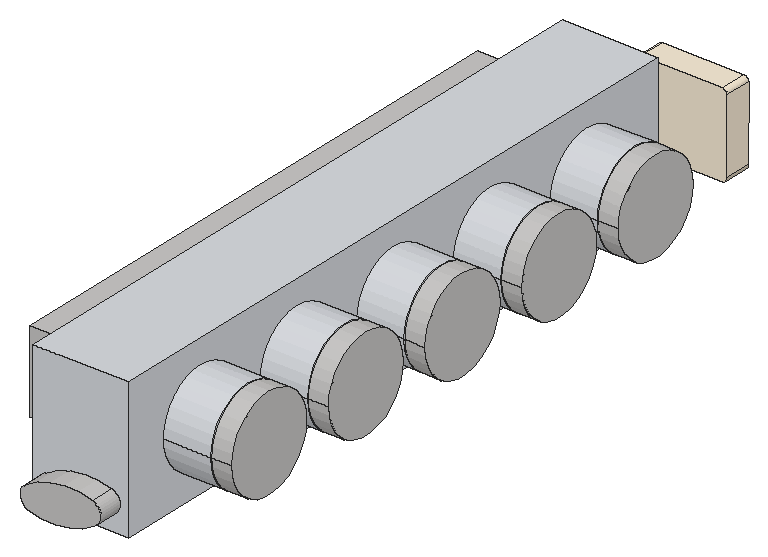
Revit family "HVAC_Ductwork_Airzone_Motorized-Plenum_Mitsubishi-Heavy_Standard_5-Dampers", category Mechanical Equipment, Revit 2016
Family settings
  Part Type = Normal
  Round Connector Dimension = Use Diameter
  OmniClass Number = 23.75.70.14
  OmniClass Title = Air Ductwork
  Work Plane-Based = No
  Always vertical = Yes
  Cut with Voids When Loaded = No
  Shared = No
  Room Calculation Point = No
Parameters (values of type "MHIST01L5")
  Voltage = 230 V
  URL = "www.airzone.es"
  Type Image Comments = "Image available in product documentation download"  # constant formula
  Revit Model Version = "1.0"  # constant formula
  Revit Model Author URL = "www.a3d.es"
  Revit Model Author = "A3D Consulting"  # constant formula
  Product Documentation Download URL = "http://doc.airzone.es/BIM/Easyzone/Mitsubishi_Heavy-Airzone_motorized_plenum.zip"
  Product Comments = "Refer to technical documentation for further details"  # constant formula
  Power Factor = 1
  Neck Width = 1206.000 mm
  Neck Length = 95.000 mm
  Neck Height = 176.000 mm
  Material = Metal - AIRZONE - Galvanized Sheet - Semi-polished
  Main Control Board Material = Plastic - AIRZONE - Smooth - Off-white
  Load Classification = Other
  Insulated Body Width = 205.000 mm  # constant formula
  Insulated Body Material = Metal -AIRZONE - Insulating Lining -Aluminum Finish
  Insulated Body Length = 1425.000 mm  # constant formula
  Insulated Body Height = 300.000 mm  # constant formula
  Flow [instance] = Damper 5 Air Flow + Damper 4 Air Flow + Damper 3 Air Flow + Damper 2 Air Flow + Damper 1 Air Flow - Fresh Air Inlet 2 Flow - Fresh Air Inlet 1 Flow  # 1500 m³/h
  Fresh Air Inlet 1 Flow [instance] = 0 m³/h
  Fresh Air Inlet 2 Flow [instance] = 0 m³/h
  Fresh Air Inlet Connection Width = 175.000 mm
  Fresh Air Inlet Connection Height = 75.000 mm
  Model = "MHIST01L5"
  Neck Side Offset = 109.500 mm
  Neck Bottom Offset = 79.000 mm
  Type Image = <None>
  Manufacturer = "AIRZONE"  # constant formula
  Main Control Board Depth = 57.000 mm  # constant formula
  Main Control Board Width = 195.000 mm  # constant formula
  Main Control Board Height = 180.000 mm  # constant formula
  Fixing = ""
  Disclaimer = "All information provided in this model is reviewed before being published. However, Airzone cannot guarantee this model is error-free, therefore users are strongly encouraged to check for technical documentation and updates"  # constant formula
  Description = "Airzone standard motorized plenum with neck that mechanically adapts to the main ducted AC units of Mitsubishi Heavy."
  Type Comments = ""
  Dampers Length = 149.000 mm  # constant formula
  Dampers Diameter = 200.000 mm  # constant formula
  Damper 5 Air Flow [instance] = 300 m³/h
  Damper 4 Air Flow [instance] = 300 m³/h
  Damper 1 Air Flow [instance] = 300 m³/h
  Damper 2 Air Flow [instance] = 300 m³/h
  Damper 3 Air Flow [instance] = 300 m³/h
  Fresh Air Inlet Connection Offset Height = 48.305 mm  # constant formula
  Compatible Accesories = ""
  Apparent Load = 57.5 VA
Types (3, lengths in mm): name | Neck Width | Model | Neck Side Offset
  MHIST01L5 | 1206.000 | "MHIST01L5" | 109.500
  MHIST01M5 | 886.000 | "MHIST01M5" | 269.500
  MHIST01S5 | 686.000 | "MHIST01S5" | 369.500
Reference planes
  plane 1 "Center (Front/Back)": y = 0
  plane 2 "Center (Elevation)": z = 0
  plane 3 "Center (Left/Right)": x = 0
  plane 4 "Neck Back": y = 603
  plane 5 "Neck Front": y = -603
  plane 6 "Neck Top": z = 88
  plane 7 "Neck Bottom": z = -88
  plane 8 "Left": x = 95
  plane 9 "Bottom": z = -167
  plane 10 "Top": z = 133
  plane 11 "Front": y = -712.5
  plane 12 "Back": y = 712.5
  plane 13 "Right": x = 300
  plane 14 "Dampers Front": x = 449
  plane 15 "Dampers Center (Elevation)": z = -17
  plane 16 "Damper3": y = 0
  plane 17 "Damper2": y = 260
  plane 18 "Damper1": y = 520
  plane 19 "Middle": y = 0
  plane 20 "FreshAir Center (Elevation)": z = -118.695
  plane 21 "FreshAir1": y = 765
  plane 22 "FreshAir2": y = -765
  plane 23 "Dampers Lining": x = 404
  plane 24 "FreshAir Vertical Axis": x = 195.83
  plane 25 "ConnectionBox Side": x = 254
  plane 26 "Main Control Board Center (Left/Right)": x = 351.5
  plane 27 "Damper4": y = -260
  plane 28 "Damper5": y = -520
Forms (mm)
  Extrusion 1, solid, material "Metal - AIRZONE - Galvanized Sheet - Semi-polished" <- "Material"
    sketch origin (0, 0, 0) x (0, 1, 0) y (0, 0, 1)
      loop
        line (-603, 88) -> (-603, -88) -> (603, -88) -> (603, 88) -> (-603, 88)
    from 0 to 95
  Extrusion 2, solid, material "Metal -AIRZONE - Insulating Lining -Aluminum Finish" <- "Insulated Body Material"
    sketch origin (95, 0, 0) x (0, 1, 0) y (0, 0, 1)
      loop
        line (-712.5, 133) -> (-712.5, -167) -> (712.5, -167) -> (712.5, 133) -> (-712.5, 133)
    from 0 to 205
  Extrusion 3, solid, material "Metal - AIRZONE - Galvanized Sheet - Semi-polished" <- "Material"
    sketch origin (300, 0, 0) x (0, 1, 0) y (0, 0, 1)
      loop
        circle (0, -17) r 100
    from 104 to 149
  Extrusion 4, solid, material "Metal - AIRZONE - Galvanized Sheet - Semi-polished" <- "Material"
    sketch origin (300, 0, 0) x (0, 1, 0) y (0, 0, 1)
      loop
        circle (260, -17) r 100
    from 104 to 149
  Extrusion 5, solid, material "Metal - AIRZONE - Galvanized Sheet - Semi-polished" <- "Material"
    sketch origin (300, 0, 0) x (0, 1, 0) y (0, 0, 1)
      loop
        circle (520, -17) r 100
    from 104 to 149
  Extrusion 6, solid, material "Metal - AIRZONE - Galvanized Sheet - Semi-polished" <- "Material"
    sketch origin (0, -712.5, 0) x (0, 0, 1) y (1, 0, 0)
      loop
        arc (-86.141, 265.204) -> (-107.608, 282.105) -> (-132.312, 270.434) r 25.96
        arc (-132.312, 270.434) -> (-158.302, 200.598) -> (-150.849, 126.456) r 164.67
        arc (-150.849, 126.456) -> (-129.665, 109.589) -> (-104.994, 120.751) r 25.96
        arc (-104.994, 120.751) -> (-78.725, 190.78) -> (-86.141, 265.204) r 164.67
    from 0 to -52.5
  Extrusion 7, solid, material "Metal - AIRZONE - Galvanized Sheet - Semi-polished" <- "Material"
    sketch origin (0, 712.5, 0) x (0, 0, 1) y (1, 0, 0)
      loop
        arc (-86.141, 265.204) -> (-107.325, 282.071) -> (-131.996, 270.909) r 25.96
        arc (-131.996, 270.909) -> (-158.179, 201.53) -> (-151.267, 127.699) r 164.67
        arc (-151.267, 127.699) -> (-130.032, 109.637) -> (-104.678, 121.226) r 25.96
        arc (-104.678, 121.226) -> (-78.688, 191.062) -> (-86.141, 265.204) r 164.67
    from 0 to 52.5
  Extrusion 8, solid, material "Metal -AIRZONE - Insulating Lining -Aluminum Finish" <- "Insulated Body Material"
    sketch origin (300, 0, 0) x (0, 1, 0) y (0, 0, 1)
      loop
        circle (520, -17) r 100
    from 0 to 104
  Extrusion 9, solid, material "Metal -AIRZONE - Insulating Lining -Aluminum Finish" <- "Insulated Body Material"
    sketch origin (300, -260, 0) x (0, 1, 0) y (0, 0, 1)
      loop
        circle (520, -17) r 100
    from 0 to 104
  Extrusion 10, solid, material "Metal -AIRZONE - Insulating Lining -Aluminum Finish" <- "Insulated Body Material"
    sketch origin (300, -520, 0) x (0, 1, 0) y (0, 0, 1)
      loop
        circle (520, -17) r 100
    from 0 to 104
  Extrusion 11, solid, material "Metal - AIRZONE - Galvanized Sheet - Semi-polished" <- "Material"
    sketch origin (300, -190, 0) x (0, 1, 0) y (0, 0, 1)
      loop
        circle (-70, -17) r 100
    from 104 to 149
  Extrusion 12, solid, material "Metal -AIRZONE - Insulating Lining -Aluminum Finish" <- "Insulated Body Material"
    sketch origin (300, -710, 0) x (0, 1, 0) y (0, 0, 1)
      loop
        circle (450, -17) r 100
    from 0 to 104
  Extrusion 13, solid, material "Metal -AIRZONE - Insulating Lining -Aluminum Finish" <- "Insulated Body Material"
    sketch origin (300, -970, 0) x (0, 1, 0) y (0, 0, 1)
      loop
        circle (450, -17) r 100
    from 0 to 104
  Extrusion 14, solid, material "Metal - AIRZONE - Galvanized Sheet - Semi-polished" <- "Material"
    sketch origin (300, -450, 0) x (0, 1, 0) y (0, 0, 1)
      loop
        circle (-70, -17) r 100
    from 104 to 149
Lines and regions (mm)
  Masking region 1
    outline origin (0, 0, 0) x (1, 0, 0) y (0, 1, 0)
      loop
        line (95, 712.5) -> (95, -712.5) -> (300, -712.5) -> (300, 712.5) -> (95, 712.5)
  Masking region 2, detail levels medium+fine
    outline origin (0, 0, 0) x (1, 0, 0) y (0, 1, 0)
      loop
        line (0, 603) -> (0, -603) -> (95, -603) -> (95, 603) -> (0, 603)
  Masking region 3, detail levels medium+fine
    outline origin (0, 0, 0) x (1, 0, 0) y (0, 1, 0)
      loop
        line (300, 100) -> (300, -100) -> (449, -100) -> (449, 100) -> (300, 100)
  Masking region 4, detail levels medium+fine
    outline origin (0, 260, 0) x (1, 0, 0) y (0, 1, 0)
      loop
        line (300, 100) -> (300, -100) -> (449, -100) -> (449, 100) -> (300, 100)
  Masking region 5, detail levels medium+fine
    outline origin (0, 520, 0) x (1, 0, 0) y (0, 1, 0)
      loop
        line (300, 100) -> (300, -100) -> (449, -100) -> (449, 100) -> (300, 100)
  Masking region 6, detail levels medium+fine
    outline origin (0, 0, -118.695) x (1, 0, 0) y (0, 1, 0)
      loop
        line (108.33, 765) -> (108.33, 712.5) -> (283.33, 712.5) -> (283.33, 765) -> (108.33, 765)
  Masking region 7, detail levels medium+fine
    outline origin (0, 0, -118.695) x (1, 0, 0) y (0, 1, 0)
      loop
        line (108.33, -712.5) -> (108.33, -765) -> (283.33, -765) -> (283.33, -712.5) -> (108.33, -712.5)
  Masking region 8, detail levels medium+fine
    outline origin (0, 0, 133) x (0, -1, 0) y (1, 0, 0)
      loop
        line (-769.5, 254) -> (-712.5, 254) -> (-712.5, 449) -> (-769.5, 449) -> (-769.5, 254)
  Masking region 9, detail levels medium+fine
    outline origin (0, -190, 0) x (1, 0, 0) y (0, 1, 0)
      loop
        line (300, 30) -> (300, -170) -> (449, -170) -> (449, 30) -> (300, 30)
  Masking region 10, detail levels medium+fine
    outline origin (0, -450, 0) x (1, 0, 0) y (0, 1, 0)
      loop
        line (300, 30) -> (300, -170) -> (449, -170) -> (449, 30) -> (300, 30)
  symbolic lines, detail levels coarse
    curve 1: line (95, -712.5, 0) -> (300, 0, 0)
    curve 2: line (300, 0, 0) -> (95, 712.5, 0)
Dimensions and locks
  equal spacing: plane 4 "Neck Back", plane 1 "Center (Front/Back)", plane 5 "Neck Front"
  "Neck Width": plane 4 "Neck Back" to plane 5 "Neck Front"
  equal spacing: plane 6 "Neck Top", level, plane 7 "Neck Bottom"
  "Neck Height": plane 6 "Neck Top" to plane 7 "Neck Bottom"
  "Neck Length": plane 3 "Center (Left/Right)" to plane 8 "Left"
  "Neck Bottom Offset": plane 7 "Neck Bottom" to plane 9 "Bottom"
  "Insulated Body Height": plane 10 "Top" to plane 9 "Bottom"
  "Insulated Body Length": plane 12 "Back" to plane 11 "Front"
  "Insulated Body Width": plane 8 "Left" to plane 13 "Right"
  "Dampers Length": plane 13 "Right" to plane 14 "Dampers Front"
  equal spacing: plane 10 "Top", plane 15 "Dampers Center (Elevation)", plane 9 "Bottom"
  equal spacing: plane 12 "Back", plane 19 "Middle", plane 11 "Front"
  plane 8 "Left" to plane 13 "Right" = 205.000 mm
  "Fresh Air Inlet Connection Offset Height": plane 20 "FreshAir Center (Elevation)" to plane 9 "Bottom"
  locked: Extrusion 6 sketch curve to plane 9 "Bottom" at 56.47
  locked: plane 13 "Right" to Extrusion 6 sketch curve at 43.69
  locked: plane 13 "Right" to Extrusion 6 sketch curve at 164.65
  locked: Extrusion 6 sketch curve to plane 9 "Bottom" at 40.54
  locked: plane 13 "Right" to Extrusion 6 sketch curve at 87.91
  locked: plane 9 "Bottom" to Extrusion 6 sketch curve at 75.01
  locked: plane 13 "Right" to Extrusion 6 sketch curve at 120.43
  locked: Extrusion 6 sketch curve to plane 9 "Bottom" at 172.02
  locked: plane 13 "Right" to Extrusion 7 sketch curve at 43.69
  locked: Extrusion 7 sketch curve to plane 9 "Bottom" at 56.47
  locked: Extrusion 7 sketch curve to plane 9 "Bottom" at 40.54
  locked: plane 13 "Right" to Extrusion 7 sketch curve at 164.65
  locked: plane 13 "Right" to Extrusion 7 sketch curve at 120.43
  locked: Extrusion 7 sketch curve to plane 9 "Bottom" at 172.02
  locked: plane 9 "Bottom" to Extrusion 7 sketch curve at 75.01
  locked: plane 13 "Right" to Extrusion 7 sketch curve at 87.91
  "Neck Side Offset": plane 12 "Back" to plane 4 "Neck Back"
  locked: plane 21 "FreshAir1" to plane 12 "Back" at 52.5
  plane 11 "Front" to plane 22 "FreshAir2" = 52.500 mm
  locked: connector elem to plane 13 "Right" at 104.17
  locked: plane 20 "FreshAir Center (Elevation)" to connector elem
  locked: plane 13 "Right" to connector elem at 104.17
  locked: connector elem to plane 20 "FreshAir Center (Elevation)"
  locked: plane 23 "Dampers Lining" to plane 14 "Dampers Front" at 45
  locked: plane 24 "FreshAir Vertical Axis" to plane 13 "Right" at 104.17
  equal spacing: Masking region 3 sketch curve, plane 16 "Damper3", Masking region 3 sketch curve
  "Dampers Diameter": Masking region 3 sketch curve to Masking region 3 sketch curve
  "Dampers Diameter": Masking region 4 sketch curve to Masking region 4 sketch curve
  equal spacing: Masking region 5 sketch curve, plane 18 "Damper1", Masking region 5 sketch curve
  "Dampers Diameter": Masking region 5 sketch curve to Masking region 5 sketch curve
  equal spacing: Masking region 6 sketch curve, plane 24 "FreshAir Vertical Axis", Masking region 6 sketch curve
  "Fresh Air Inlet Connection Width": Masking region 6 sketch curve to Masking region 6 sketch curve
  equal spacing: Masking region 7 sketch curve, plane 24 "FreshAir Vertical Axis", Masking region 7 sketch curve
  "Fresh Air Inlet Connection Width": Masking region 7 sketch curve to Masking region 7 sketch curve
  "Main Control Board Depth": Masking region 8 sketch curve to plane 12 "Back"
  "Main Control Board Width": plane 25 "ConnectionBox Side" to plane 14 "Dampers Front"
  equal spacing: plane 25 "ConnectionBox Side", plane 26 "Main Control Board Center (Left/Right)", plane 14 "Dampers Front"
  locked: nested 1 to plane 10 "Top" at 10
  equal spacing: Masking region 4 sketch curve, plane 17 "Damper2", Masking region 4 sketch curve
  equal spacing: Masking region 9 sketch curve, plane 27 "Damper4", Masking region 9 sketch curve
  "Dampers Diameter": Masking region 9 sketch curve to Masking region 9 sketch curve
  plane 18 "Damper1" to plane 17 "Damper2" to plane 16 "Damper3" to plane 27 "Damper4" to plane 28 "Damper5" = 260.000 mm locked, 260.000 mm locked, 260.000 mm locked, 260.000 mm locked
  locked: plane 19 "Middle" to plane 16 "Damper3"
  equal spacing: Masking region 10 sketch curve, plane 28 "Damper5", Masking region 10 sketch curve
  "Dampers Diameter": Masking region 10 sketch curve to Masking region 10 sketch curve
  "Dampers Diameter": diameter of Extrusion 3 sketch curve
  "Dampers Diameter": diameter of Extrusion 4 sketch curve
  "Dampers Diameter": diameter of Extrusion 5 sketch curve
  radius of Extrusion 7 sketch curve = 164.670 mm  (x2)
  radius of Extrusion 7 sketch curve = 25.960 mm  (x2)
  radius of Extrusion 6 sketch curve = 164.670 mm  (x2)
  radius of Extrusion 6 sketch curve = 25.960 mm  (x2)
  "Dampers Diameter": diameter of Extrusion 8 sketch curve
  "Dampers Diameter": diameter of Extrusion 9 sketch curve
  "Dampers Diameter": diameter of Extrusion 10 sketch curve
  "Dampers Diameter": diameter of Extrusion 11 sketch curve
  "Dampers Diameter": diameter of Extrusion 12 sketch curve
  "Dampers Diameter": diameter of Extrusion 13 sketch curve
  "Dampers Diameter": diameter of Extrusion 14 sketch curve
  aligned and locked: level to plane 2 "Center (Elevation)"
  aligned and locked: plane 5 "Neck Front" to Extrusion 1 sketch curve
  aligned and locked: Extrusion 1 sketch curve to plane 6 "Neck Top"
  aligned and locked: Extrusion 1 sketch curve to plane 4 "Neck Back"
  aligned and locked: plane 7 "Neck Bottom" to Extrusion 1 sketch curve
  aligned and locked: Extrusion 1 to plane 3 "Center (Left/Right)"
  aligned and locked: Extrusion 2 sketch curve to plane 10 "Top"
  aligned and locked: Extrusion 2 sketch curve to plane 12 "Back"
  aligned and locked: plane 9 "Bottom" to Extrusion 2 sketch curve
  aligned and locked: plane 11 "Front" to Extrusion 2 sketch curve
  aligned and locked: plane 13 "Right" to Extrusion 2
  aligned and locked: Extrusion 2 to plane 8 "Left"
  aligned and locked: plane 16 "Damper3" to Extrusion 3 sketch curve
  aligned and locked: plane 15 "Dampers Center (Elevation)" to Extrusion 3 sketch curve
  aligned and locked: plane 15 "Dampers Center (Elevation)" to Extrusion 4 sketch curve
  aligned and locked: plane 18 "Damper1" to Extrusion 5 sketch curve
  aligned and locked: plane 15 "Dampers Center (Elevation)" to Extrusion 5 sketch curve
  aligned and locked: plane 14 "Dampers Front" to Extrusion 5
  aligned and locked: plane 14 "Dampers Front" to Extrusion 4
  aligned and locked: plane 14 "Dampers Front" to Extrusion 3
  aligned and locked: plane 8 "Left" to Extrusion 1
  aligned and locked: plane 22 "FreshAir2" to Extrusion 6
  aligned and locked: plane 21 "FreshAir1" to Extrusion 7
  aligned and locked: Extrusion 7 to plane 12 "Back"
  aligned and locked: plane 11 "Front" to Extrusion 6
  aligned and locked: Extrusion 5 to plane 23 "Dampers Lining"
  aligned and locked: Extrusion 5 to Extrusion 4
  aligned and locked: Extrusion 4 to Extrusion 3
  aligned and locked: plane 23 "Dampers Lining" to Extrusion 8
  aligned and locked: Extrusion 10 to plane 13 "Right"
  aligned and locked: plane 23 "Dampers Lining" to Extrusion 10
  aligned and locked: Extrusion 9 to plane 13 "Right"
  aligned and locked: plane 23 "Dampers Lining" to Extrusion 9
  aligned and locked: Extrusion 8 to plane 13 "Right"
  aligned and locked: Extrusion 9 to Extrusion 8
  aligned and locked: plane 18 "Damper1" to Extrusion 8 sketch curve
  aligned and locked: plane 15 "Dampers Center (Elevation)" to Extrusion 8 sketch curve
  aligned and locked: plane 15 "Dampers Center (Elevation)" to Extrusion 9 sketch curve
  aligned and locked: plane 16 "Damper3" to Extrusion 10 sketch curve
  aligned and locked: plane 15 "Dampers Center (Elevation)" to Extrusion 10 sketch curve
  aligned and locked: Masking region 1 sketch curve to plane 12 "Back"
  aligned and locked: plane 8 "Left" to Masking region 1 sketch curve
  aligned and locked: Masking region 1 sketch curve to plane 13 "Right"
  aligned and locked: plane 11 "Front" to Masking region 1 sketch curve
  aligned and locked: plane 5 "Neck Front" to Masking region 2 sketch curve
  aligned and locked: plane 3 "Center (Left/Right)" to Masking region 2 sketch curve
  aligned and locked: Masking region 2 sketch curve to plane 4 "Neck Back"
  aligned and locked: Masking region 2 sketch curve to plane 8 "Left"
  aligned and locked: plane 13 "Right" to Masking region 3 sketch curve
  aligned and locked: Masking region 3 sketch curve to plane 14 "Dampers Front"
  aligned and locked: plane 13 "Right" to Masking region 4 sketch curve
  aligned and locked: Masking region 4 sketch curve to plane 14 "Dampers Front"
  aligned and locked: plane 13 "Right" to Masking region 5 sketch curve
  aligned and locked: Masking region 5 sketch curve to plane 14 "Dampers Front"
  aligned and locked: plane 12 "Back" to Masking region 6 sketch curve
  aligned and locked: Masking region 6 sketch curve to plane 21 "FreshAir1"
  aligned and locked: Masking region 7 sketch curve to plane 11 "Front"
  aligned and locked: Masking region 7 sketch curve to plane 22 "FreshAir2"
  aligned and locked: plane 12 "Back" to Masking region 8 sketch curve
  aligned and locked: Masking region 8 sketch curve to plane 14 "Dampers Front"
  aligned and locked: plane 25 "ConnectionBox Side" to Masking region 8 sketch curve
  aligned and locked: plane 17 "Damper2" to Extrusion 9 sketch curve
  aligned and locked: plane 17 "Damper2" to Extrusion 4 sketch curve
  aligned and locked: Masking region 9 sketch curve to plane 14 "Dampers Front"
  aligned and locked: plane 13 "Right" to Masking region 9 sketch curve
  aligned and locked: Extrusion 12 to plane 13 "Right"
  aligned and locked: plane 23 "Dampers Lining" to Extrusion 12
  aligned and locked: Extrusion 11 to plane 23 "Dampers Lining"
  aligned and locked: plane 14 "Dampers Front" to Extrusion 11
  aligned and locked: plane 15 "Dampers Center (Elevation)" to Extrusion 12 sketch curve
  aligned and locked: plane 27 "Damper4" to Extrusion 12 sketch curve
  aligned and locked: plane 15 "Dampers Center (Elevation)" to Extrusion 11 sketch curve
  aligned and locked: plane 27 "Damper4" to Extrusion 11 sketch curve
  aligned and locked: Masking region 10 sketch curve to plane 14 "Dampers Front"
  aligned and locked: plane 13 "Right" to Masking region 10 sketch curve
  aligned and locked: plane 28 "Damper5" to Extrusion 13 sketch curve
  aligned and locked: plane 15 "Dampers Center (Elevation)" to Extrusion 13 sketch curve
  aligned and locked: Extrusion 14 to plane 23 "Dampers Lining"
  aligned and locked: plane 14 "Dampers Front" to Extrusion 14
  aligned and locked: plane 15 "Dampers Center (Elevation)" to Extrusion 14 sketch curve
  aligned and locked: plane 28 "Damper5" to Extrusion 14 sketch curve
  aligned and locked: nested 1 to plane 26 "Main Control Board Center (Left/Right)"
Automatic sketch dimensions
  curve 2 to plane 8 "Left" = 0.000 mm
  curve 1 to plane 8 "Left" = 0.000 mm
  curve 2 to plane 13 "Right" = 0.000 mm
  curve 1 to plane 11 "Front" = 0.000 mm
  curve 2 to plane 16 "Damper3" = 0.000 mm
  curve 2 to plane 12 "Back" = 0.000 mm
Nested families
  nested 1: "Airzone_Main-Control-Board" at (351.5, 712.5, 33) x (-1, 0, 0) z (0, 1, 0), Extrusion <- "Main Control Board Depth", Height <- "Main Control Board Height", Width <- "Main Control Board Width", Material <- "Main Control Board Material", type "Standard"
    with Width 195.000 mm, Material Plastic - AIRZONE - Smooth - Off-white, Height 180.000 mm, Extrusion 57.000 mm
Connectors
  hvac at (449, 0, -17), driven by "Damper 3 Air Flow", driven by "Dampers Diameter"
    settings: on Extrusion 3, index 1, duct flow 300 m³/h, flow factor 0, pres drop 0.0 Pa, loss coef 0, conn angle 0.00°, conn width 304.8 mm, conn height 304.8 mm, conn diameter 200 mm, duct sys type 1, conn prof type 0, flow config 0, flow direction 2, loss method 0, conn ref index -1, conn util no, is conn primary no, conn desc "Supply Air Out 3"
  hvac at (449, 260, -17), driven by "Damper 2 Air Flow", driven by "Dampers Diameter"
    settings: on Extrusion 4, index 2, duct flow 300 m³/h, flow factor 0, pres drop 0.0 Pa, loss coef 0, conn angle 0.00°, conn width 304.8 mm, conn height 304.8 mm, conn diameter 200 mm, duct sys type 1, conn prof type 0, flow config 0, flow direction 2, loss method 0, conn ref index -1, conn util no, is conn primary no, conn desc "Supply Air Out 2"
  hvac at (449, 520, -17), driven by "Damper 1 Air Flow", driven by "Dampers Diameter"
    settings: on Extrusion 5, index 3, duct flow 300 m³/h, flow factor 0, pres drop 0.0 Pa, loss coef 0, conn angle 0.00°, conn width 304.8 mm, conn height 304.8 mm, conn diameter 200 mm, duct sys type 1, conn prof type 0, flow config 0, flow direction 2, loss method 0, conn ref index -1, conn util no, is conn primary no, conn desc "Supply Air Out 1"
  hvac at (0, 0, 0), driven by "Flow", driven by "Neck Height", driven by "Neck Width"
    settings: on Extrusion 1, index 6, duct flow 1500 m³/h, flow factor 0, pres drop 0.0 Pa, loss coef 0, conn angle 0.00°, conn width 1206 mm, conn height 176 mm, conn diameter 609.6 mm, duct sys type 1, conn prof type 1, flow config 1, flow direction 1, loss method 0, conn ref index -1, conn util no, is conn primary yes, conn desc "Supply Air In"
  hvac at (195.83, -765, -118.695), driven by "Fresh Air Inlet 2 Flow", driven by "Fresh Air Inlet Connection Width", driven by "Fresh Air Inlet Connection Height"
    settings: index 7, duct flow 0 m³/h, flow factor 0, pres drop 0.0 Pa, loss coef 0, conn angle 0.00°, conn width 175 mm, conn height 75 mm, conn diameter 609.6 mm, duct sys type 1, conn prof type 2, flow config 1, flow direction 1, loss method 0, conn ref index -1, conn util no, is conn primary no, conn desc "Fresh Air In 2"
  hvac at (195.83, 765, -118.695), driven by "Fresh Air Inlet 1 Flow", driven by "Fresh Air Inlet Connection Height", driven by "Fresh Air Inlet Connection Width"
    settings: index 8, duct flow 0 m³/h, flow factor 0, pres drop 0.0 Pa, loss coef 0, conn angle 0.00°, conn width 175 mm, conn height 75 mm, conn diameter 609.6 mm, duct sys type 1, conn prof type 2, flow config 1, flow direction 1, loss method 0, conn ref index -1, conn util no, is conn primary no, conn desc "Fresh Air In 1"
  hvac at (449, -260, -17), driven by "Damper 4 Air Flow", driven by "Dampers Diameter"
    settings: on Extrusion 11, index 9, duct flow 300 m³/h, flow factor 0, pres drop 0.0 Pa, loss coef 0, conn angle 0.00°, conn width 304.8 mm, conn height 304.8 mm, conn diameter 200 mm, duct sys type 1, conn prof type 0, flow config 0, flow direction 2, loss method 0, conn ref index -1, conn util no, is conn primary no, conn desc "Supply Air Out 4"
  hvac at (449, -520, -17), driven by "Damper 5 Air Flow", driven by "Dampers Diameter"
    settings: on Extrusion 14, index 10, duct flow 300 m³/h, flow factor 0, pres drop 0.0 Pa, loss coef 0, conn angle 0.00°, conn width 304.8 mm, conn height 304.8 mm, conn diameter 200 mm, duct sys type 1, conn prof type 0, flow config 0, flow direction 2, loss method 0, conn ref index -1, conn util no, is conn primary no, conn desc "Supply Air Out 5"
  electrical at (351.5, 769.5, 33), driven by "Load Classification", driven by "Voltage", driven by "Apparent Load", driven by "Power Factor"
    settings: on nested 1, index 11, voltage 230 V, apparent load 57.5 VA, apparent load phase1 0 VA, apparent load phase2 0 VA, apparent load phase3 0 VA, power factor 1, load classification "Other", number of poles 1, system type 30, power factor state 1, is connector primary yes, connector utility no, sub classification motor no, connector description "Power Supply"
Definition of nested family "Airzone_Main-Control-Board"
  Parameters (values of type "Standard")
    Width [instance] = 195.000 mm
    URL = "www.airzone.es"
    Revit Model Version = "1.0"  # constant formula
    Revit Model Author URL = "www.a3d.es"
    Revit Model Author = "A3D Consulting"  # constant formula
    Material [instance] = none
    Manufacturer = "AIRZONE"  # constant formula
    Height [instance] = 180.000 mm
    Extrusion [instance] = 57.000 mm
    Default Elevation = 0.000 mm
  Reference planes
    plane 1 "Center (Front/Back)": y = 0
    plane 2: z = 0
    plane 3 "Center (Left/Right)": x = 0
    plane 4: y = 90
    plane 5: y = -90
    plane 6: x = 97.5
    plane 7: x = -97.5
  Forms (mm)
    Extrusion 1, solid, material <- "Material"
      sketch origin (0, 0, 0) x (1, 0, 0) y (0, 1, 0)
        loop
          arc (-87.5, 90) -> (-94.571, 87.071) -> (-97.5, 80) r 10
          line (-97.5, 80) -> (-97.5, -80)
          arc (-97.5, -80) -> (-94.571, -87.071) -> (-87.5, -90) r 10
          line (-87.5, -90) -> (87.5, -90)
          arc (87.5, -90) -> (94.571, -87.071) -> (97.5, -80) r 10
          line (97.5, -80) -> (97.5, 80)
          arc (97.5, 80) -> (94.571, 87.071) -> (87.5, 90) r 10
          line (87.5, 90) -> (-87.5, 90)
      from 0 to 57 <- "Extrusion"
  Dimensions and locks
    equal spacing: plane 7, plane 3 "Center (Left/Right)", plane 6
    equal spacing: plane 4, plane 1 "Center (Front/Back)", plane 5
    "Width": plane 7 to plane 6
    "Height": plane 4 to plane 5
    radius of Extrusion 1 sketch curve = 10.000 mm  (x4)
    aligned and locked: level to plane 2
    aligned and locked: plane 5 to Extrusion 1 sketch curve
    aligned and locked: Extrusion 1 sketch curve to plane 6
    aligned and locked: Extrusion 1 sketch curve to plane 4
    aligned and locked: plane 7 to Extrusion 1 sketch curve
